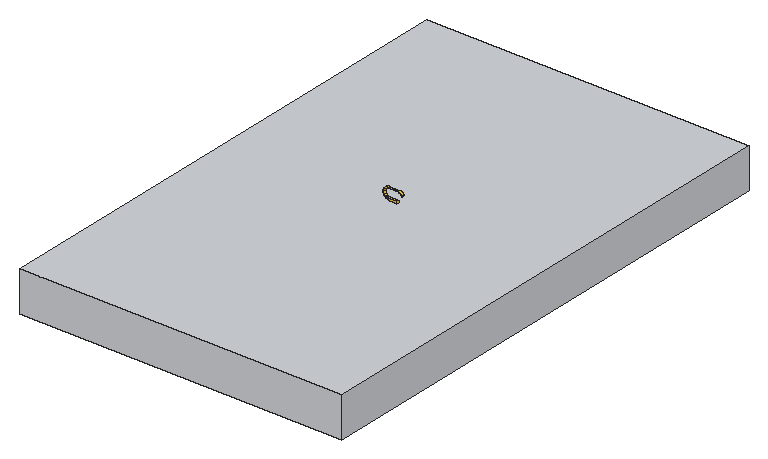
Revit family "Paper_Holder-GROHE-Starlight-41068_Series", category Plumbing Fixtures, host Face, Revit 2016
Family settings
  Host = Face
  Part Type = Normal
  Round Connector Dimension = Use Diameter
  OmniClass Number = 23.40.20.21.27
  OmniClass Title = Towel Bars
  Cut with Voids When Loaded = No
  Shared = Yes
  Room Calculation Point = No
Parameters (values of type "41068GN0")
  Width = 3 3/8"  # constant formula
  Waste Connection = no
  Warranty Documentation Link = "https://cdn.cloud.grohe.com/tpi/1000/1900/1940/1949/1949006/original/1949006.pdf"
  WFU = 0  # constant formula
  Vent Connection = no
  URL = "https://www.grohe.us/"
  Type Comments = ""
  Product Page URL = ""
  Price = "Prices may vary. Please consult Manufacturer Representative for most up-to-date price list."  # constant formula
  Model = "41068GNO"
  Material = "Metal-Grohe-GN0-Brushed Cool Sunrise"
  Manufacturer = "Grohe"
  Length = 6"  # constant formula
  Installation Type = "Wall Mounted"
  Height = 9/16"  # constant formula
  HWFU = 0  # constant formula
  HW Connection = no
  Flow Rate = ""  # constant formula
  Finish = Metal-Grohe-GN0-Brushed Cool Sunrise
  Description = "Paper Holder w/ Cover"  # constant formula
  Default Elevation = 0"  # constant formula
  Creation Date = "08/19/2020"  # constant formula
  CWFU = 0  # constant formula
  CW Connection = no
  Assembly Code = "D2010710"
Types (5): name | Model | Material | Finish
  41068000 | "41068000" | "Metal-Grohe-000-Starlight Chrome" | Metal-Grohe-000-Starlight Chrome
  41068A00 | "41068A00" | "Metal-Grohe-A00-Hard Graphite" | Metal-Grohe-A00-Hard Graphite
  41068BE0 | "41068BE0" | "Metal-Grohe-BE0-Polished Nickel" | Metal-Grohe-BE0-Polished Nickel
  41068EN0 | "41068EN0" | "Metal-Grohe-EN0-Brushed Nickel" | Metal-Grohe-EN0-Brushed Nickel
  41068GN0 | "41068GNO" | "Metal-Grohe-GN0-Brushed Cool Sunrise" | Metal-Grohe-GN0-Brushed Cool Sunrise
Reference planes (in)
  plane 1 "Center (Front/Back)": y = 0
  plane 2: z = 0
  plane 3 "Center (Left/Right)": x = 0
  plane 4: z = 3.38878
  plane 5: z = 0.70312
  plane 6: y = -0.5625
  plane 7: x = 1.1875
  plane 8: x = 3
  plane 9: x = -3
  plane 10: z = 0.38951
  plane 11: x = -1.1875
Forms (in)
  Extrusion 1, solid
    sketch origin (0, 0, 0) x (1, 0, 0) y (0, 1, 0)
      loop
        line (-48, 72) -> (-48, -79.70833) -> (48, -79.70833) -> (48, 72) -> (-48, 72)
    from 0 to -12
  Extrusion 2, solid, material "Metal-Grohe-GN0-Brushed Cool Sunrise" <- "Finish"
    sketch origin (-10.30965, -1.1875, 48) x (-1, 0, 0) y (0, 0, 1)
      loop
        line (-11.49715, -47.61049) -> (-10.30965, -47.61049) -> (-8.81795, -47.61049)
        arc (-8.81795, -47.61049) -> (-7.75307, -47.1696) -> (-7.31152, -46.105) r 1.50642
        arc (-7.31152, -46.105) -> (-7.74904, -45.04874) -> (-8.8053, -44.61122) r 1.49378
        line (-8.8053, -44.61122) -> (-11.814, -44.61122)
        arc (-11.814, -44.61122) -> (-12.64674, -44.86487) -> (-13.19668, -45.53969) r 1.49378
        arc (-13.19668, -45.53969) -> (-13.12995, -45.65482) -> (-13.00168, -45.61938) r 0.10887
        arc (-13.00168, -45.61938) -> (-12.55446, -45.05698) -> (-11.87502, -44.8232) r 1.28304
        line (-11.87502, -44.8232) -> (-8.74373, -44.8232)
        arc (-8.74373, -44.8232) -> (-7.87535, -45.21945) -> (-7.5205, -46.10555) r 1.28378
        arc (-7.5205, -46.10555) -> (-7.89996, -47.02025) -> (-8.81493, -47.39906) r 1.29443
        line (-8.81493, -47.39906) -> (-10.30965, -47.39906) -> (-11.49715, -47.39955) -> (-11.49715, -47.61049)
    from 0.625 to 1.1875
  Extrusion 3, solid, material "Metal-Grohe-GN0-Brushed Cool Sunrise" <- "Finish"
    sketch origin (-10.30965, -1.1875, 48) x (-1, 0, 0) y (0, 0, 1)
      loop
        line (-11.49715, -47.61049) -> (-11.49715, -48) -> (-9.12215, -48) -> (-9.12215, -47.61049) -> (-11.49715, -47.61049)
    from 0.625 to 1.1875
Cuts and joins
  joined: Extrusion 2, Extrusion 3
Lines and regions (in)
  Masking region 1
    outline origin (0, 0, 0) x (1, 0, 0) y (0, 1, 0)
      loop
        line (3.00008, 0) -> (-2.99813, 0) -> (-2.99813, -0.5625) -> (3.00008, -0.5625) -> (3.00008, 0)
  Masking region 2
    outline origin (-10.30965, -1.1875, 48) x (-1, 0, 0) y (0, 0, 1)
      loop
        arc (-13.19668, -45.53969) -> (-13.12995, -45.65482) -> (-13.00168, -45.61938) r 0.10887
        arc (-13.00168, -45.61938) -> (-12.55446, -45.05698) -> (-11.87502, -44.8232) r 1.28304
        line (-11.87502, -44.8232) -> (-8.74373, -44.8232)
        arc (-8.74373, -44.8232) -> (-7.87535, -45.21945) -> (-7.5205, -46.10555) r 1.28378
        arc (-7.5205, -46.10555) -> (-7.89996, -47.02025) -> (-8.81493, -47.39906) r 1.29443
        line (-8.81493, -47.39906) -> (-10.30965, -47.39906) -> (-11.49715, -47.39955) -> (-11.49715, -48) -> (-9.12215, -48) -> (-9.12215, -47.61049) -> (-8.81795, -47.61049)
        arc (-8.81795, -47.61049) -> (-7.75307, -47.1696) -> (-7.31152, -46.105) r 1.50642
        arc (-7.31152, -46.105) -> (-7.74904, -45.04874) -> (-8.8053, -44.61122) r 1.49378
        line (-8.8053, -44.61122) -> (-11.814, -44.61122)
        arc (-11.814, -44.61122) -> (-12.64674, -44.86487) -> (-13.19668, -45.53969) r 1.49378
Dimensions and locks (in)
  level to plane 4 = 3.38878"
  plane 5 to level = 45/64"
  equal spacing: plane 8, plane 3 "Center (Left/Right)", plane 9
  plane 4 to plane 10 = 2.99927"
  "Length": plane 8 to plane 9
  locked: plane 11 to plane 7 at 2.375
  equal spacing: plane 11, plane 3 "Center (Left/Right)", plane 7
  locked: plane 6 to plane 1 "Center (Front/Back)" at 0.5625
  radius of Extrusion 2 sketch curve = 1.28378"
  radius of Extrusion 2 sketch curve = 1.28304"
  radius of Extrusion 2 sketch curve = 1.49378"  (x2)
  radius of Extrusion 2 sketch curve = 0.10887"
  radius of Extrusion 2 sketch curve = 1.50642"
  radius of Extrusion 2 sketch curve = 1.29443"
  aligned and locked: Extrusion 1 to plane 2
  aligned and locked: Extrusion 1 to level
  aligned and locked: Extrusion 2 sketch curve to plane 4
  aligned and locked: plane 10 to Extrusion 2 sketch curve
  aligned and locked: Extrusion 3 sketch curve to plane 10
  aligned and locked: Extrusion 2 to plane 6
  aligned and locked: Masking region 1 sketch curve to cut or joined group of Extrusion 2, Extrusion 3
  aligned and locked: cut or joined group of Extrusion 2, Extrusion 3 to Masking region 1 sketch curve
  aligned and locked: Extrusion 2 sketch curve to plane 7
  aligned and locked: Extrusion 2 sketch curve to plane 10
  aligned and locked: Extrusion 3 sketch curve to plane 11
  aligned and locked: Extrusion 3 sketch curve to plane 7
  aligned and locked: Extrusion 3 sketch curve to level
  aligned and locked: cut or joined group of Extrusion 2, Extrusion 3 to plane 6  (x2)
  aligned and locked: Masking region 2 sketch curve to cut or joined group of Extrusion 2, Extrusion 3  (x13)
Automatic sketch dimensions
  Extrusion 1 sketch curve to Extrusion 1 sketch curve = 96"
  Extrusion 1 sketch curve to Extrusion 1 sketch curve = 151.70833"
  plane 9 to Masking region 1 sketch curve = 0.00187"
  Extrusion 2 sketch curve to plane 3 "Center (Left/Right)" = 0"  (x3)
  Extrusion 2 sketch curve to Extrusion 2 sketch curve = 0.06101"
  Extrusion 2 sketch curve to plane 8 = 0.22089"
  Extrusion 2 sketch curve to plane 11 = 0.3042"
  Extrusion 2 sketch curve to Extrusion 2 sketch curve = 0.00103"
  Extrusion 2 sketch curve to plane 5 = 0.10268"
  Extrusion 2 sketch curve to Extrusion 2 sketch curve = 0.00055"
  Extrusion 2 sketch curve to Extrusion 2 sketch curve = 0.0002"
  Extrusion 2 sketch curve to Extrusion 2 sketch curve = 0.00056"
  Extrusion 2 sketch curve to Extrusion 2 sketch curve = 0.06533"
  Extrusion 2 sketch curve to Extrusion 2 sketch curve = 0.10792"
  Extrusion 2 sketch curve to Extrusion 2 sketch curve = 0"
  plane 8 to Masking region 1 sketch curve = 0.00008"
  Masking region 2 sketch curve to plane 3 "Center (Left/Right)" = 0"  (x2)
